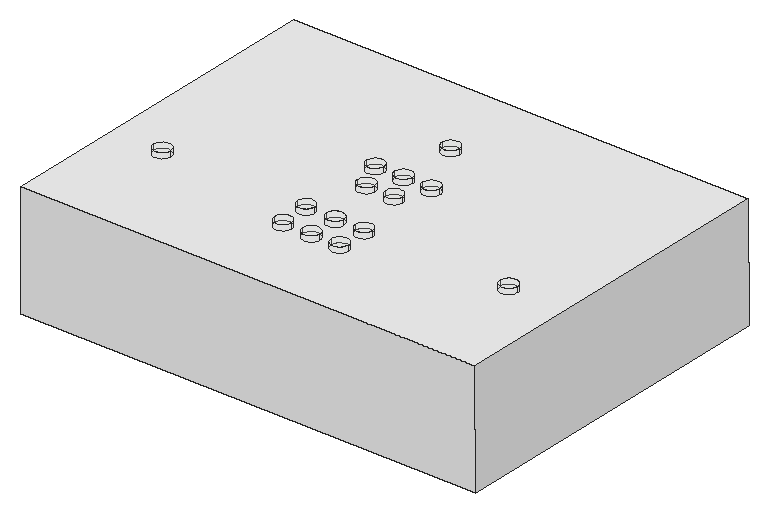
Revit family "НЕВАТОМ_Щит управления противопожарными клапанами ABUm-KP, Версия 1", category Оборудование, Revit 2017
Family settings
  Размер круглого соединителя = Использовать диаметр
  Тип детали = Нормальный
  На основе рабочей плоскости = Нет
  Всегда вертикально = Да
  При загрузке вырезать с полостями = Нет
  Общий = Нет
  Точка расчета площади = Нет
Parameters (values of type "ABUm-KP-MR220(24)/20")
  Напряжение = ""
  НЕВАТОМ_Ориентировочная мощность клапанов = 84 kW
  НЕВАТОМ_Номинальный ток клапанов = 0.38 A
  НЕВАТОМ_Количество противопожарных клапанов = 20
  Корпус [instance] = "металлический"  # constant formula
  ADSK_Размер_Ширина = 300 mm
  ADSK_Размер_Длина = 800 mm
  ADSK_Размер_Высота = 1000 mm
  ADSK_Примечание = ""
  ADSK_Позиция = ""
  ADSK_Напряжение = 220 V
  ADSK_Наименование = "ABUm-KP-MR220(24)/20"
  ADSK_Марка = ADSK_Наименование  # "ABUm-KP-MR220(24)/20"
  ADSK_Количество = 1  # constant formula
  ADSK_Код изделия = ""
  ADSK_Завод-изготовитель = "НЕВАТОМ"  # constant formula
  ADSK_Единица измерения = "шт."  # constant formula
  ADSK_URL документации изделия = ""
Types (34, lengths in mm): name | НЕВАТОМ_Ориентировочная мощность клапанов | НЕВАТОМ_Номинальный ток клапанов | НЕВАТОМ_Количество противопожарных клапанов | ADSK_Размер_Ширина | ADSK_Размер_Длина | ADSK_Размер_Высота | ADSK_Наименование | ADSK_Марка
  (no name) | 84 kW | 0.38 A | 20 | 300 | 800 | 1000 | "ABUm-KP-MR220(24)/20" | "ABUm-KP-MR220(24)/20"
  ABUm-KP-EM220(24)/1 | 0.07 kW | 0.4 A | 1 | 200 | 400 | 600 | "ABUm-KP-EM220(24)/1" | "ABUm-KP-EM220(24)/1"
  ABUm-KP-EM220(24)/2 | 0.132 kW | 0.4 A | 2 | 200 | 400 | 600 | "ABUm-KP-EM220(24)/2" | "ABUm-KP-EM220(24)/2"
  ABUm-KP-EM220(24)/4 | 0.264 kW | 1.6 A | 4 | 200 | 600 | 800 | "ABUm-KP-EM220(24)/4" | "ABUm-KP-EM220(24)/4"
  ABUm-KP-EM220(24)/6 | 0.396 kW | 2.4 A | 6 | 200 | 600 | 800 | "ABUm-KP-EM220(24)/6" | "ABUm-KP-EM220(24)/6"
  ABUm-KP-EM220(24)/8 | 0.53 kW | 3.52 A | 8 | 200 | 600 | 800 | "ABUm-KP-EM220(24)/8" | "ABUm-KP-EM220(24)/8"
  ABUm-KP-EM220(24)/10 | 0.66 kW | 4 A | 10 | 200 | 600 | 800 | "ABUm-KP-EM220(24)/10" | "ABUm-KP-EM220(24)/10"
  ABUm-KP-EM220(24)/12 | 0.8 kW | 4.8 A | 12 | 200 | 600 | 800 | "ABUm-KP-EM220(24)/12" | "ABUm-KP-EM220(24)/12"
  ABUm-KP-EM220(24)/14 | 0.92 kW | 5.6 A | 14 | 300 | 800 | 1000 | "ABUm-KP-EM220(24)/14" | "ABUm-KP-EM220(24)/14"
  ABUm-KP-EM220(24)/16 | 1.06 kW | 6.4 A | 16 | 300 | 800 | 1000 | "ABUm-KP-EM220(24)/16" | "ABUm-KP-EM220(24)/16"
  ABUm-KP-EM220(24)/18 | 1.19 kW | 7.2 A | 18 | 300 | 800 | 1000 | "ABUm-KP-EM220(24)/18" | "ABUm-KP-EM220(24)/18"
  ABUm-KP-EM220(24)/20 | 1.32 kW | 8 A | 20 | 300 | 800 | 1000 | "ABUm-KP-EM220(24)/20" | "ABUm-KP-EM220(24)/20"
  ABUm-KP-MR220(24)/1 | 4.2 kW | 0.02 A | 1 | 200 | 400 | 600 | "ABUm-KP-MR220(24)/1" | "ABUm-KP-MR220(24)/1"
  ABUm-KP-MR220(24)/2 | 8.4 kW | 0.04 A | 2 | 200 | 400 | 600 | "ABUm-KP-MR220(24)/2" | "ABUm-KP-MR220(24)/2"
  ABUm-KP-MR220(24)/4 | 16.8 kW | 0.07 A | 4 | 200 | 600 | 800 | "ABUm-KP-MR220(24)/4" | "ABUm-KP-MR220(24)/4"
  ABUm-KP-MR220(24)/6 | 25.2 kW | 0.11 A | 6 | 200 | 600 | 800 | "ABUm-KP-MR220(24)/6" | "ABUm-KP-MR220(24)/6"
  ABUm-KP-MR220(24)/8 | 0.15 kW | 33.6 A | 8 | 200 | 600 | 800 | "ABUm-KP-MR220(24)/8" | "ABUm-KP-MR220(24)/8"
  ABUm-KP-MR220(24)/10 | 42 kW | 0.2 A | 10 | 200 | 600 | 800 | "ABUm-KP-MR220(24)/10" | "ABUm-KP-MR220(24)/10"
  ABUm-KP-MR220(24)/12 | 50.4 kW | 0.23 A | 12 | 200 | 600 | 800 | "ABUm-KP-MR220(24)/12" | "ABUm-KP-MR220(24)/12"
  ABUm-KP-MR220(24)/14 | 58.8 kW | 0.27 A | 14 | 300 | 800 | 1000 | "ABUm-KP-MR220(24)/14" | "ABUm-KP-MR220(24)/14"
  ABUm-KP-MR220(24)/16 | 67.2 kW | 0.3 A | 16 | 300 | 800 | 1000 | "ABUm-KP-MR220(24)/16" | "ABUm-KP-MR220(24)/16"
  ABUm-KP-MR220(24)/18 | 75.6 kW | 0.34 A | 18 | 300 | 800 | 1000 | "ABUm-KP-MR220(24)/18" | "ABUm-KP-MR220(24)/18"
  ABUm-KP-MR220(24)/20 | 84 kW | 0.38 A | 20 | 300 | 800 | 1000 | "ABUm-KP-MR220(24)/20" | "ABUm-KP-MR220(24)/20"
  ABUm-KP-MP220(24)/1 | 4.2 kW | 0.02 A | 1 | 200 | 400 | 600 | "ABUm-KP-MP220(24)/1" | "ABUm-KP-MP220(24)/1"
  ABUm-KP-MP220(24)/2 | 8.4 kW | 0.04 A | 2 | 200 | 400 | 600 | "ABUm-KP-MP220(24)/1" | "ABUm-KP-MP220(24)/1"
  ABUm-KP-MP220(24)/4 | 16.8 kW | 0.07 A | 4 | 200 | 600 | 800 | "ABUm-KP-MP220(24)/4" | "ABUm-KP-MP220(24)/4"
  ABUm-KP-MP220(24)/6 | 25.2 kW | 0.11 A | 6 | 200 | 600 | 800 | "ABUm-KP-MP220(24)/6" | "ABUm-KP-MP220(24)/6"
  ABUm-KP-MP220(24)/8 | 33.6 kW | 0.15 A | 8 | 200 | 600 | 800 | "ABUm-KP-MP220(24)/8" | "ABUm-KP-MP220(24)/8"
  ABUm-KP-MP220(24)/10 | 42 kW | 0.2 A | 10 | 200 | 600 | 800 | "ABUm-KP-MP220(24)/10" | "ABUm-KP-MP220(24)/10"
  ABUm-KP-MP220(24)/12 | 50.4 kW | 0.23 A | 12 | 200 | 600 | 800 | "ABUm-KP-MP220(24)/12" | "ABUm-KP-MP220(24)/12"
  ABUm-KP-MP220(24)/14 | 58.8 kW | 0.27 A | 14 | 300 | 800 | 1000 | "ABUm-KP-MP220(24)/14" | "ABUm-KP-MP220(24)/14"
  ABUm-KP-MP220(24)/16 | 67.2 kW | 0.3 A | 16 | 300 | 800 | 1000 | "ABUm-KP-MP220(24)/16" | "ABUm-KP-MP220(24)/16"
  ABUm-KP-MP220(24)/18 | 75.6 kW | 0.34 A | 18 | 300 | 800 | 1000 | "ABUm-KP-MP220(24)/18" | "ABUm-KP-MP220(24)/18"
  ABUm-KP-MP220(24)/20 | 84 kW | 0.38 A | 20 | 300 | 800 | 1000 | "ABUm-KP-MP220(24)/20" | "ABUm-KP-MP220(24)/20"
Reference planes
  plane 1 "По центру (Вперед/Назад)": y = 0
  plane 2: z = 0
  plane 3 "По центру (Влево/Вправо)": x = 0
  plane 4: y = 150
  plane 5: y = -150
  plane 6: x = -400
  plane 7: x = 400
  plane 8: z = 1000
Forms (mm)
  Extrusion 1, solid, material "Условный материал-отделка"
    sketch origin (0, -325.574, 274.426) x (1, 0, 0) y (0, 0, -1)
      loop
        line (-400, 100) -> (-400, -100) -> (400, -100) -> (400, 100) -> (-400, 100)
    from 0 to 600
  Extrusion 2, solid, material "Стекло"
    sketch origin (0, -325.574, 274.426) x (1, 0, 0) y (0, 1, 0)
      loop
        circle (0, 446.548) r 15
    from 100 to 110
  Extrusion 3, solid, not visible
    sketch origin (0, 0, -55) x (1, 0, 0) y (0, 0, 1)
      loop
        circle (0, 596.548) r 15
    from 100 to 110
  Extrusion 4, solid, not visible
    sketch origin (45, 0, -55) x (1, 0, 0) y (0, 0, 1)
      loop
        circle (0, 596.548) r 15
    from 100 to 110
  Extrusion 5, solid, not visible
    sketch origin (-45, 0, -55) x (-1, 0, 0) y (0, 0, -1)
      loop
        circle (0, -596.548) r 15
    from 100 to 110
  Extrusion 6, solid, not visible
    sketch origin (0, 0, -110) x (1, 0, 0) y (0, 0, 1)
      loop
        circle (0, 596.548) r 15
    from 100 to 110
  Extrusion 7, solid, not visible
    sketch origin (45, 0, -110) x (1, 0, 0) y (0, 0, 1)
      loop
        circle (0, 596.548) r 15
    from 100 to 110
  Extrusion 8, solid, not visible
    sketch origin (-45, 0, -110) x (-1, 0, 0) y (0, 0, -1)
      loop
        circle (0, -596.548) r 15
    from 100 to 110
  Extrusion 9, solid, not visible
    sketch origin (100, 0, -110) x (1, 0, 0) y (0, 0, 1)
      loop
        circle (0, 596.548) r 15
    from 100 to 110
  Extrusion 10, solid, not visible
    sketch origin (-100, 0, -110) x (-1, 0, 0) y (0, 0, -1)
      loop
        circle (0, -596.548) r 15
    from 100 to 110
  Extrusion 11, solid, not visible
    sketch origin (30.372, 0, -158.754) x (1, 0, 0) y (0, 0, 1)
      loop
        circle (0, 596.548) r 15
    from 100 to 110
  Extrusion 12, solid, not visible
    sketch origin (-30.372, 0, -158.754) x (-1, 0, 0) y (0, 0, -1)
      loop
        circle (0, -596.548) r 15
    from 100 to 110
  Extrusion 13, solid, not visible
    sketch origin (30.372, 0, -208.754) x (1, 0, 0) y (0, 0, 1)
      loop
        circle (0, 596.548) r 15
    from 100 to 110
  Extrusion 14, solid, not visible
    sketch origin (-30.372, 0, -208.754) x (-1, 0, 0) y (0, 0, -1)
      loop
        circle (0, -596.548) r 15
    from 100 to 110
  Extrusion 15, solid, material "Стекло"
    sketch origin (0, -325.574, 274.426) x (1, 0, 0) y (0, 1, 0)
      loop
        circle (0, 342.901) r 15
    from 100 to 110
  Extrusion 16, solid, material "Стекло"
    sketch origin (0, -325.574, 274.426) x (1, 0, 0) y (0, 1, 0)
      loop
        circle (49.336, 342.623) r 15
    from 100 to 110
  Extrusion 17, solid, material "Стекло"
    sketch origin (0, -325.574, 274.426) x (-1, 0, 0) y (0, -1, 0)
      loop
        circle (49.336, -342.623) r 15
    from 100 to 110
  Extrusion 18, solid, material "Стекло"
    sketch origin (-25.662, -375.574, 274.426) x (1, 0, 0) y (0, 1, 0)
      loop
        circle (0, 342.901) r 15
    from 100 to 110
  Extrusion 19, solid, material "Стекло"
    sketch origin (-25.662, -375.574, 274.426) x (1, 0, 0) y (0, 1, 0)
      loop
        circle (49.336, 342.623) r 15
    from 100 to 110
  Extrusion 20, solid, material "Стекло"
    sketch origin (49.336, -425.574, 274.426) x (-1, 0, 0) y (0, -1, 0)
      loop
        circle (49.336, -292.623) r 15
    from 100 to 110
  Extrusion 21, solid, material "Стекло"
    sketch origin (1.336, -425.574, 274.426) x (1, 0, 0) y (0, 1, 0)
      loop
        circle (49.336, 292.623) r 15
    from 100 to 110
  Extrusion 22, solid, material "Стекло"
    sketch origin (77.081, -273.829, 274.426) x (-1, 0, 0) y (0, -1, 0)
      loop
        circle (-226.556, -142.974) r 15
    from 100 to 110
  Extrusion 23, solid, material "Стекло"
    sketch origin (-26.409, -273.829, 274.426) x (1, 0, 0) y (0, 1, 0)
      loop
        circle (-26.556, 142.974) r 15
    from 100 to 110
  Extrusion 24, solid, material "Стекло"
    sketch origin (-79.227, -273.829, 274.426) x (1, 0, 0) y (0, 1, 0)
      loop
        circle (-226.556, 142.974) r 15
    from 100 to 110
  Extrusion 25, solid, material "Стекло"
    sketch origin (0, -325.574, 274.426) x (1, 0, 0) y (0, 1, 0)
      loop
        circle (0, 140.4) r 15
    from 100 to 110
  Extrusion 26, solid, material "Стекло"
    sketch origin (50, -325.574, 274.426) x (1, 0, 0) y (0, 1, 0)
      loop
        circle (0, 140.4) r 15
    from 100 to 110
  Extrusion 27, solid, material "Стекло"
    sketch origin (-50, -325.574, 274.426) x (-1, 0, 0) y (0, -1, 0)
      loop
        circle (0, -140.4) r 15
    from 100 to 110
Dimensions and locks
  equal spacing: plane 6, plane 3 "По центру (Влево/Вправо)", plane 7
  equal spacing: plane 4, plane 1 "По центру (Вперед/Назад)", plane 5
  "ADSK_Размер_Ширина": plane 4 to plane 5
  "ADSK_Размер_Длина": plane 6 to plane 7
  "ADSK_Размер_Высота": plane 8 to level
  locked: Extrusion 1 to Extrusion 2 at 10
  locked: Extrusion 1 to Extrusion 15 at 10
  locked: Extrusion 16 to Extrusion 1 at 10
  locked: Extrusion 1 to Extrusion 17 at 10
  locked: Extrusion 18 to Extrusion 1 at 10
  locked: Extrusion 1 to Extrusion 19 at 10
  locked: Extrusion 1 to Extrusion 20 at 10
  locked: Extrusion 21 to Extrusion 21 at 10
  locked: Extrusion 27 to Extrusion 27 at 10
  locked: Extrusion 24 to Extrusion 24 at 10
  locked: Extrusion 23 to Extrusion 23 at 10
  locked: Extrusion 22 to Extrusion 22 at 10
  locked: Extrusion 25 to Extrusion 25 at 10  (x2)
  locked: Extrusion 26 to Extrusion 26 at 10
  radius of Extrusion 2 sketch curve = 15 mm
  radius of Extrusion 3 sketch curve = 15 mm
  radius of Extrusion 4 sketch curve = 15 mm
  radius of Extrusion 5 sketch curve = 15 mm
  radius of Extrusion 6 sketch curve = 15 mm
  radius of Extrusion 7 sketch curve = 15 mm
  radius of Extrusion 8 sketch curve = 15 mm
  radius of Extrusion 9 sketch curve = 15 mm
  radius of Extrusion 10 sketch curve = 15 mm
  radius of Extrusion 11 sketch curve = 15 mm
  radius of Extrusion 12 sketch curve = 15 mm
  radius of Extrusion 13 sketch curve = 15 mm
  radius of Extrusion 14 sketch curve = 15 mm
  aligned and locked: level to plane 2
  aligned and locked: plane 7 to Extrusion 1 sketch curve
  aligned and locked: Extrusion 1 sketch curve to plane 6
Automatic sketch dimensions
  plane 8 to Extrusion 1 sketch curve = 625.574 mm
  level to Extrusion 1 sketch curve = 174.426 mm
  Extrusion 2 sketch curve to plane 3 "По центру (Влево/Вправо)" = 0 mm
  Extrusion 2 sketch curve to plane 4 = 29.025 mm
  Extrusion 15 sketch curve to plane 3 "По центру (Влево/Вправо)" = 0 mm
  Extrusion 15 sketch curve to plane 1 "По центру (Вперед/Назад)" = 17.328 mm
  Extrusion 16 sketch curve to plane 1 "По центру (Вперед/Назад)" = 17.049 mm
  plane 3 "По центру (Влево/Вправо)" to Extrusion 16 sketch curve = 49.336 mm
  Extrusion 17 sketch curve to plane 1 "По центру (Вперед/Назад)" = 17.049 mm
  Extrusion 17 sketch curve to plane 3 "По центру (Влево/Вправо)" = 49.336 mm
  Extrusion 18 sketch curve to plane 3 "По центру (Влево/Вправо)" = 25.662 mm
  plane 1 "По центру (Вперед/Назад)" to Extrusion 18 sketch curve = 32.672 mm
  plane 3 "По центру (Влево/Вправо)" to Extrusion 19 sketch curve = 23.674 mm
  plane 1 "По центру (Вперед/Назад)" to Extrusion 19 sketch curve = 32.951 mm
  Extrusion 20 sketch curve to plane 3 "По центру (Влево/Вправо)" = 0 mm
  plane 5 to Extrusion 20 sketch curve = 17.049 mm
  plane 5 to Extrusion 21 sketch curve = 17.049 mm
  plane 3 "По центру (Влево/Вправо)" to Extrusion 21 sketch curve = 50.672 mm
  plane 5 to Extrusion 22 sketch curve = 19.145 mm
  plane 7 to Extrusion 22 sketch curve = 96.363 mm
  plane 5 to Extrusion 23 sketch curve = 19.145 mm
  Extrusion 23 sketch curve to plane 3 "По центру (Влево/Вправо)" = 52.965 mm
  plane 5 to Extrusion 24 sketch curve = 19.145 mm
  Extrusion 24 sketch curve to plane 6 = 94.217 mm
  Extrusion 25 sketch curve to plane 3 "По центру (Влево/Вправо)" = 0 mm
  Extrusion 25 sketch curve to plane 5 = 35.173 mm
  plane 3 "По центру (Влево/Вправо)" to Extrusion 26 sketch curve = 50 mm
  Extrusion 26 sketch curve to plane 5 = 35.173 mm
  Extrusion 27 sketch curve to plane 3 "По центру (Влево/Вправо)" = 50 mm
  Extrusion 27 sketch curve to plane 5 = 35.173 mm
  radius of Extrusion 15 sketch curve = 15 mm
  radius of Extrusion 16 sketch curve = 15 mm
  radius of Extrusion 17 sketch curve = 15 mm
  radius of Extrusion 18 sketch curve = 15 mm
  radius of Extrusion 19 sketch curve = 15 mm
  radius of Extrusion 20 sketch curve = 15 mm
  radius of Extrusion 21 sketch curve = 15 mm
  radius of Extrusion 22 sketch curve = 15 mm
  radius of Extrusion 23 sketch curve = 15 mm
  radius of Extrusion 24 sketch curve = 15 mm
  radius of Extrusion 25 sketch curve = 15 mm
  radius of Extrusion 26 sketch curve = 15 mm
  radius of Extrusion 27 sketch curve = 15 mm
Connectors
  electrical at (0, -325.574, 274.426)
    settings: on Extrusion 1, index 1, voltage 0 V, apparent load 0 VA, apparent load phase1 0 VA, apparent load phase2 0 VA, apparent load phase3 0 VA, power factor 1, load classification "Прочее", number of poles 1, system type 31, power factor state 1, is connector primary yes, connector utility no, sub classification motor no, connector description ""
